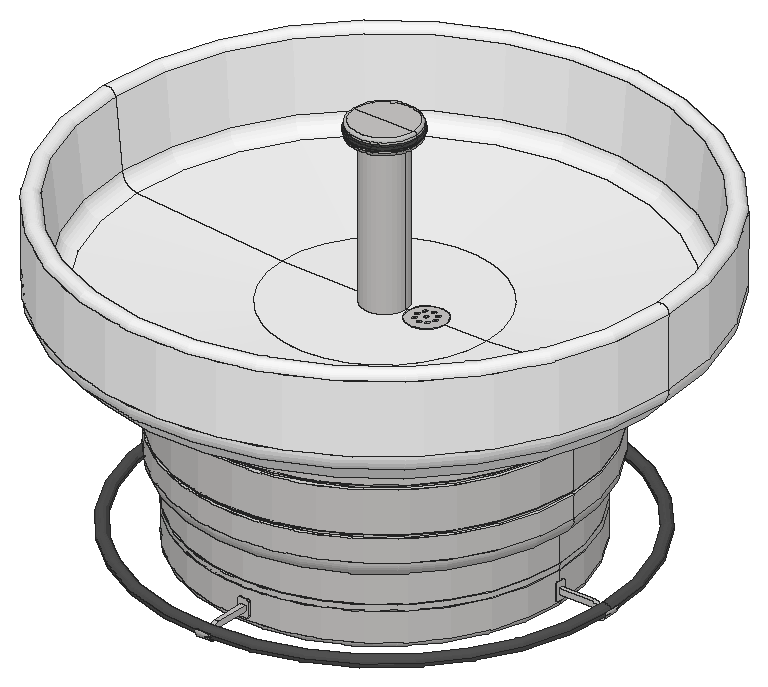
Revit family "Washfountain_Lavatory-Bradley_Corp-WF2608-Type_H_Drain", category Plumbing Fixtures, Revit 2012 (continued)
Automatic sketch dimensions
  Masking region 26 sketch curve to plane 1 "Center (Front/Back)" = 0.000"
  Masking region 26 sketch curve to plane 3 "Center (Left/Right)" = 0.000"
  curve 101 to plane 1 "Center (Front/Back)" = 0.000"
  curve 101 to plane 3 "Center (Left/Right)" = 0.000"
  Masking region 27 sketch curve to plane 1 "Center (Front/Back)" = 0.000"
  Masking region 27 sketch curve to plane 3 "Center (Left/Right)" = 0.000"
  curve 102 to plane 1 "Center (Front/Back)" = 0.000"
  curve 102 to plane 3 "Center (Left/Right)" = 0.000"
  Masking region 28 sketch curve to plane 1 "Center (Front/Back)" = 0.000"
  Masking region 28 sketch curve to plane 3 "Center (Left/Right)" = 0.000"
  curve 103 to plane 1 "Center (Front/Back)" = 0.000"
  curve 103 to plane 3 "Center (Left/Right)" = 0.000"
  plane 8 "Towel Dispenser" to Extrusion 13 sketch curve = 0.000"
  Extrusion 13 sketch curve to Extrusion 13 sketch curve = 1.37502"
  Extrusion 13 sketch curve to Extrusion 13 sketch curve = 1.750"
  Extrusion 13 sketch curve to Extrusion 13 sketch curve = 2.250"
  Extrusion 14 sketch curve to Extrusion 14 sketch curve = 1.37502"
  Extrusion 14 sketch curve to Extrusion 14 sketch curve = 1.750"
  Extrusion 14 sketch curve to Extrusion 14 sketch curve = 2.250"
  Extrusion 14 sketch curve to plane 8 "Towel Dispenser" = 0.000"
  Extrusion 15 sketch curve to Extrusion 15 sketch curve = 1.37502"
  Extrusion 15 sketch curve to Extrusion 15 sketch curve = 1.750"
  Extrusion 15 sketch curve to Extrusion 15 sketch curve = 2.250"
  Extrusion 15 sketch curve to plane 8 "Towel Dispenser" = 0.000"
  Split face 1 sketch curve to Extrusion 13 = 0.56845"
  Split face 1 sketch curve to Split face 1 sketch curve = 0.750"
  Split face 1 sketch curve to Extrusion 13 = 1.500"  (x2)
  Split face 2 sketch curve to Extrusion 14 = 0.56845"
  Split face 2 sketch curve to Split face 2 sketch curve = 0.750"
  Split face 2 sketch curve to Extrusion 14 = 1.500"  (x2)
  Split face 3 sketch curve to Extrusion 15 = 0.56851"
  Split face 3 sketch curve to Split face 3 sketch curve = 0.750"
  Split face 3 sketch curve to Extrusion 15 = 1.500"  (x2)
  curve 9 to plane 1 "Center (Front/Back)" = 0.000"
  curve 109 to plane 6 "Front" = 0.000"
  curve 132 to plane 7 "Back" = 0.000"
  curve 10 to plane 3 "Center (Left/Right)" = 0.000"
  plane 3 "Center (Left/Right)" to curve 105 = 0.06279"
  plane 3 "Center (Left/Right)" to curve 132 = 3.000"
  plane 3 "Center (Left/Right)" to curve 109 = 3.000"
  plane 3 "Center (Left/Right)" to curve 9 = 3.000"
  curve 105 to curve 9 = 2.60192"
  curve 104 to plane 3 "Center (Left/Right)" = 0.06259"
  curve 109 to plane 3 "Center (Left/Right)" = 3.000"
  curve 9 to plane 3 "Center (Left/Right)" = 3.000"
  curve 132 to plane 3 "Center (Left/Right)" = 3.000"
  curve 9 to curve 104 = 2.60167"
  curve 106 to plane 1 "Center (Front/Back)" = 3.20696"
  curve 10 to plane 1 "Center (Front/Back)" = 3.000"
  plane 1 "Center (Front/Back)" to curve 10 = 3.000"
  curve 10 to curve 104 = 3.38699"
  curve 104 to curve 105 = 0.00011"
  curve 134 to curve 132 = 0.000"
  curve 133 to curve 132 = 0.000"
  curve 141 to curve 132 = 2.50026"
  curve 139 to curve 132 = 0.29642"
  curve 139 to curve 132 = 1.00026"
  curve 138 to curve 132 = 0.25026"
  curve 141 to curve 132 = 1.37502"
  curve 132 to curve 140 = 1.000"
  curve 140 to curve 140 = 0.750"
  curve 132 to curve 133 = 2.500"
  curve 139 to curve 138 = 0.39109"
  curve 136 to curve 141 = 0.000"
  curve 132 to curve 135 = 14.62567"
  curve 135 to curve 133 = 0.68733"
  curve 135 to curve 134 = 0.68733"
  curve 108 to Extrusion 15 = 0.000"  (x3)
  curve 154 to Extrusion 15 = 2.60156"
  Extrusion 15 to curve 154 = 1.95703"
  curve 154 to curve 154 = 1.000"
  curve 107 to Extrusion 14 = 0.000"  (x3)
  Extrusion 14 to curve 156 = 1.95703"
  curve 156 to Extrusion 14 = 2.60156"
  curve 156 to curve 156 = 1.000"
  curve 157 to Extrusion 13 = 0.000"  (x3)
  curve 155 to Extrusion 13 = 2.60156"
  curve 155 to curve 155 = 1.000"
  Extrusion 13 to curve 155 = 1.95703"
  curve 160 to curve 132 = 0.54323"
  curve 132 to curve 160 = 3.97659"
  curve 132 to curve 160 = 4.97659"
  Masking region 29 sketch curve to plane 1 "Center (Front/Back)" = 0.000"
  Masking region 29 sketch curve to plane 3 "Center (Left/Right)" = 0.000"
  plane 3 "Center (Left/Right)" to Masking region 29 sketch curve = 0.06279"
  plane 3 "Center (Left/Right)" to Masking region 29 sketch curve = 3.52689"
  plane 3 "Center (Left/Right)" to Masking region 29 sketch curve = 5.50026"
  Masking region 29 sketch curve to plane 1 "Center (Front/Back)" = 3.13918"
  Masking region 29 sketch curve to Masking region 29 sketch curve = 0.06253"
  Masking region 29 sketch curve to plane 1 "Center (Front/Back)" = 1.13918"
  Masking region 29 sketch curve to Masking region 29 sketch curve = 3.4641"  (x2)
  Masking region 29 sketch curve to plane 3 "Center (Left/Right)" = 0.06259"
  Masking region 29 sketch curve to plane 3 "Center (Left/Right)" = 3.5267"
  Masking region 29 sketch curve to plane 3 "Center (Left/Right)" = 5.500"
  Masking region 29 sketch curve to plane 1 "Center (Front/Back)" = 3.13929"
  Masking region 29 sketch curve to Masking region 29 sketch curve = 0.06259"
  Masking region 29 sketch curve to plane 1 "Center (Front/Back)" = 1.13929"
  Masking region 29 sketch curve to Masking region 29 sketch curve = 0.06767"
  Masking region 29 sketch curve to Masking region 29 sketch curve = 0.06779"
  Masking region 29 sketch curve to Masking region 29 sketch curve = 4.000"
  Extrusion 16 sketch curve to plane 1 "Center (Front/Back)" = 0.000"
  Extrusion 16 sketch curve to plane 3 "Center (Left/Right)" = 0.000"
  curve 5 to Masking region 32 sketch curve = 1.000"
  curve 5 to Masking region 32 sketch curve = 3.500"
  Masking region 32 sketch curve to curve 5 = 1.000"
  Masking region 33 sketch curve to plane 10 "Sensor Module" = 3.500"
  Masking region 33 sketch curve to plane 1 "Center (Front/Back)" = 2.000"
  plane 1 "Center (Front/Back)" to Masking region 33 sketch curve = 2.000"
  Extrusion 17 sketch curve to plane 1 "Center (Front/Back)" = 0.000"
  Extrusion 17 sketch curve to plane 3 "Center (Left/Right)" = 0.000"
  Extrusion 18 sketch curve to Extrusion 18 sketch curve = 0.000"  (x3)
  Extrusion 18 sketch curve to plane 1 "Center (Front/Back)" = 0.000"
  Extrusion 18 sketch curve to plane 3 "Center (Left/Right)" = 0.000"
  plane 3 "Center (Left/Right)" to Extrusion 18 sketch curve = 0.06295"
  Extrusion 18 sketch curve to Extrusion 18 sketch curve = 2.000"
  Extrusion 18 sketch curve to Extrusion 18 sketch curve = 3.50026"
  Extrusion 18 sketch curve to Extrusion 18 sketch curve = 0.06243"
  Extrusion 18 sketch curve to plane 3 "Center (Left/Right)" = 0.06259"
  Extrusion 18 sketch curve to Extrusion 18 sketch curve = 3.500"
  Extrusion 18 sketch curve to Extrusion 18 sketch curve = 0.06259"
  Extrusion 18 sketch curve to plane 1 "Center (Front/Back)" = 3.13929"  (x2)
  Extrusion 18 sketch curve to Extrusion 18 sketch curve = 0.06767"
  plane 1 "Center (Front/Back)" to Extrusion 18 sketch curve = 6.38699"
  plane 3 "Center (Left/Right)" to Extrusion 19 sketch curve = 5.56269"
  Extrusion 19 sketch curve to Extrusion 19 sketch curve = 0.06243"
  plane 3 "Center (Left/Right)" to Extrusion 19 sketch curve = 0.06295"
  Extrusion 19 sketch curve to plane 3 "Center (Left/Right)" = 0.06259"
  Extrusion 19 sketch curve to plane 3 "Center (Left/Right)" = 5.500"
  Extrusion 19 sketch curve to Extrusion 19 sketch curve = 0.06259"
  Extrusion 19 sketch curve to plane 1 "Center (Front/Back)" = 3.20696"
  Extrusion 19 sketch curve to Extrusion 19 sketch curve = 0.06767"  (x2)
  plane 1 "Center (Front/Back)" to Extrusion 19 sketch curve = 6.38699"
  Extrusion 19 sketch curve to Extrusion 19 sketch curve = 0.000"
  Extrusion 19 sketch curve to plane 1 "Center (Front/Back)" = 0.000"
  Extrusion 19 sketch curve to plane 3 "Center (Left/Right)" = 0.000"
  Extrusion 19 sketch curve to Extrusion 19 sketch curve = 2.000"
  curve 96 to curve 5 = 1.5755"
  curve 5 to curve 95 = 0.56541"
  curve 96 to curve 95 = 0.07563"
  curve 5 to curve 97 = 1.000"
  curve 97 to curve 5 = 1.000"
  curve 5 to curve 95 = 1.49987"
  curve 95 to curve 96 = 0.0755"
  curve 96 to curve 95 = 1.44948"
  curve 97 to curve 5 = 2.84038"
  Sweep 20 sketch curve to profile plane = 0.000"
  profile plane to Sweep 20 sketch curve = 1.425"
  Extrusion 21 sketch curve to Extrusion 21 sketch curve = 0.000"  (x10)
  level to Extrusion 21 sketch curve = 1.57969"
  plane 4 "Left" to Extrusion 21 sketch curve = 5.42032"
  Extrusion 21 sketch curve to Extrusion 21 sketch curve = 0.04831"  (x2)
  Extrusion 21 sketch curve to Extrusion 21 sketch curve = 0.48307"  (x2)
  Extrusion 21 sketch curve to Extrusion 21 sketch curve = 0.48846"  (x2)
  Extrusion 21 sketch curve to Extrusion 21 sketch curve = 0.04885"  (x2)
  level to Extrusion 21 sketch curve = 1.55302"
  Extrusion 21 sketch curve to plane 5 "Right" = 6.58615"
  Extrusion 21 sketch curve to Extrusion 21 sketch curve = 0.02667"
  Extrusion 21 sketch curve to Extrusion 21 sketch curve = 0.01068"
  Extrusion 22 sketch curve to Extrusion 22 sketch curve = 0.000"  (x10)
  level to Extrusion 22 sketch curve = 1.57982"
  plane 6 "Front" to Extrusion 22 sketch curve = 5.42032"
  Extrusion 22 sketch curve to Extrusion 22 sketch curve = 0.04831"  (x2)
  Extrusion 22 sketch curve to Extrusion 22 sketch curve = 0.48307"  (x2)
  Extrusion 22 sketch curve to Extrusion 22 sketch curve = 0.48846"  (x2)
  Extrusion 22 sketch curve to Extrusion 22 sketch curve = 0.04885"  (x2)
  level to Extrusion 22 sketch curve = 1.55315"
  Extrusion 22 sketch curve to plane 7 "Back" = 6.58615"
  Extrusion 22 sketch curve to Extrusion 22 sketch curve = 0.03735"
  Extrusion 22 sketch curve to Extrusion 22 sketch curve = 0.01068"
  Extrusion 24 sketch curve to Extrusion 24 sketch curve = 0.000"  (x6)
  level to Extrusion 24 sketch curve = 0.82997"
  plane 6 "Front" to Extrusion 24 sketch curve = 5.99907"
  Extrusion 24 sketch curve to Extrusion 24 sketch curve = 0.19771"  (x2)
  Extrusion 24 sketch curve to Extrusion 24 sketch curve = 0.600"
  Extrusion 24 sketch curve to Extrusion 24 sketch curve = 0.45214"  (x2)
  Extrusion 24 sketch curve to Extrusion 24 sketch curve = 0.14125"  (x2)
  Extrusion 24 sketch curve to Extrusion 24 sketch curve = 3.19031"  (x2)
  level to Extrusion 24 sketch curve = 1.77219"
  Extrusion 24 sketch curve to plane 7 "Back" = 10.38277"
  level to Extrusion 24 sketch curve = 1.27219"
  Extrusion 24 sketch curve to Extrusion 24 sketch curve = 0.40229"
  Extrusion 24 sketch curve to Extrusion 24 sketch curve = 0.34334"
  Extrusion 23 sketch curve to Extrusion 23 sketch curve = 0.000"  (x6)
  level to Extrusion 23 sketch curve = 0.82503"  (x2)
  plane 4 "Left" to Extrusion 23 sketch curve = 6.000"
  Extrusion 23 sketch curve to Extrusion 23 sketch curve = 0.19771"  (x2)
  Extrusion 23 sketch curve to Extrusion 23 sketch curve = 0.600"
  Extrusion 23 sketch curve to Extrusion 23 sketch curve = 0.45214"  (x2)
  Extrusion 23 sketch curve to Extrusion 23 sketch curve = 0.14125"  (x2)
  Extrusion 23 sketch curve to Extrusion 23 sketch curve = 3.19031"  (x2)
  level to Extrusion 23 sketch curve = 1.26725"
  Extrusion 23 sketch curve to plane 5 "Right" = 10.3837"
  Extrusion 23 sketch curve to Extrusion 23 sketch curve = 0.40229"
  Extrusion 23 sketch curve to Extrusion 23 sketch curve = 0.34334"
  curve 161 to plane 1 "Center (Front/Back)" = 0.000"
  curve 161 to plane 3 "Center (Left/Right)" = 0.000"
  plane 1 "Center (Front/Back)" to Extrusion 25 sketch curve = 0.49499"
  plane 1 "Center (Front/Back)" to Extrusion 25 sketch curve = 0.24499"  (x2)
  plane 1 "Center (Front/Back)" to Extrusion 25 sketch curve = 0.23845"
  Extrusion 25 sketch curve to plane 1 "Center (Front/Back)" = 0.24214"
  Extrusion 25 sketch curve to plane 1 "Center (Front/Back)" = 0.25501"  (x2)
  Extrusion 25 sketch curve to Extrusion 25 sketch curve = 0.250"
  level to Extrusion 25 sketch curve = 0.70961"
  Extrusion 25 sketch curve to Extrusion 25 sketch curve = 0.2684"  (x2)
  Extrusion 25 sketch curve to Extrusion 25 sketch curve = 0.5882"
  Extrusion 28 sketch curve to plane 3 "Center (Left/Right)" = 0.49499"
  Extrusion 28 sketch curve to plane 3 "Center (Left/Right)" = 0.24499"  (x2)
  Extrusion 28 sketch curve to plane 3 "Center (Left/Right)" = 0.23845"
  plane 3 "Center (Left/Right)" to Extrusion 28 sketch curve = 0.24214"
  plane 3 "Center (Left/Right)" to Extrusion 28 sketch curve = 0.25501"  (x2)
  Extrusion 28 sketch curve to Extrusion 28 sketch curve = 0.250"
  level to Extrusion 28 sketch curve = 0.70961"
  Extrusion 28 sketch curve to Extrusion 28 sketch curve = 0.2684"  (x2)
  Extrusion 28 sketch curve to Extrusion 28 sketch curve = 0.5882"
  plane 1 "Center (Front/Back)" to Extrusion 26 sketch curve = 0.50501"
  plane 1 "Center (Front/Back)" to Extrusion 26 sketch curve = 0.25501"  (x2)
  plane 1 "Center (Front/Back)" to Extrusion 26 sketch curve = 0.24214"
  Extrusion 26 sketch curve to plane 1 "Center (Front/Back)" = 0.23845"
  Extrusion 26 sketch curve to plane 1 "Center (Front/Back)" = 0.24499"  (x2)
  Extrusion 26 sketch curve to Extrusion 26 sketch curve = 0.250"
  level to Extrusion 26 sketch curve = 0.70961"
  Extrusion 26 sketch curve to Extrusion 26 sketch curve = 0.2684"  (x2)
  Extrusion 26 sketch curve to Extrusion 26 sketch curve = 0.5882"
  Extrusion 27 sketch curve to plane 3 "Center (Left/Right)" = 0.50501"
  Extrusion 27 sketch curve to plane 3 "Center (Left/Right)" = 0.25501"  (x2)
  Extrusion 27 sketch curve to plane 3 "Center (Left/Right)" = 0.24214"
  plane 3 "Center (Left/Right)" to Extrusion 27 sketch curve = 0.23845"
  plane 3 "Center (Left/Right)" to Extrusion 27 sketch curve = 0.24499"  (x2)
  Extrusion 27 sketch curve to Extrusion 27 sketch curve = 0.250"
  level to Extrusion 27 sketch curve = 0.70961"
  Extrusion 27 sketch curve to Extrusion 27 sketch curve = 0.2684"  (x2)
  Extrusion 27 sketch curve to Extrusion 27 sketch curve = 0.5882"
  plane 4 "Left" to Masking region 34 sketch curve = 5.42032"
  Masking region 34 sketch curve to Masking region 34 sketch curve = 0.000"  (x4)
  Masking region 34 sketch curve to Masking region 34 sketch curve = 0.04831"  (x2)
  Masking region 34 sketch curve to Masking region 34 sketch curve = 0.04873"  (x2)
  Masking region 34 sketch curve to Masking region 34 sketch curve = 0.48264"  (x2)
  Masking region 34 sketch curve to Masking region 34 sketch curve = 0.00088"
  Masking region 34 sketch curve to Masking region 34 sketch curve = 0.19771"  (x2)
  Masking region 34 sketch curve to Masking region 34 sketch curve = 0.69685"  (x2)
  Masking region 34 sketch curve to plane 3 "Center (Left/Right)" = 0.670"
  Masking region 34 sketch curve to Masking region 34 sketch curve = 0.16499"
  Masking region 34 sketch curve to Masking region 34 sketch curve = 0.20433"  (x2)
  Masking region 34 sketch curve to Masking region 34 sketch curve = 0.21066"  (x2)
  Masking region 34 sketch curve to plane 3 "Center (Left/Right)" = 0.25501"
  plane 3 "Center (Left/Right)" to Masking region 34 sketch curve = 0.25501"  (x2)
  Masking region 34 sketch curve to Masking region 34 sketch curve = 0.250"
  level to Masking region 34 sketch curve = 0.925"
  Masking region 34 sketch curve to plane 5 "Right" = 6.69772"
  Masking region 34 sketch curve to Masking region 34 sketch curve = 0.50002"
  level to Masking region 34 sketch curve = 0.825"
  Masking region 34 sketch curve to Masking region 34 sketch curve = 0.10013"  (x2)
  Masking region 34 sketch curve to Masking region 34 sketch curve = 0.50506"
  Masking region 34 sketch curve to Masking region 34 sketch curve = 0.00013"  (x2)
  Masking region 34 sketch curve to Masking region 34 sketch curve = 1.000"
  Masking region 34 sketch curve to Masking region 34 sketch curve = 0.15961"
  Masking region 34 sketch curve to Masking region 34 sketch curve = 0.11539"  (x2)
  level to Masking region 34 sketch curve = 0.82487"
  level to Masking region 35 sketch curve = 1.57955"
  plane 6 "Front" to Masking region 35 sketch curve = 5.42032"
  Masking region 35 sketch curve to Masking region 35 sketch curve = 0.000"  (x4)
  Masking region 35 sketch curve to Masking region 35 sketch curve = 0.04831"  (x2)
  Masking region 35 sketch curve to Masking region 35 sketch curve = 0.04873"  (x2)
  Masking region 35 sketch curve to Masking region 35 sketch curve = 0.48264"  (x2)
  Masking region 35 sketch curve to Masking region 35 sketch curve = 0.00088"
  Masking region 35 sketch curve to Masking region 35 sketch curve = 0.19771"  (x2)
  Masking region 35 sketch curve to Masking region 35 sketch curve = 0.69685"  (x2)
  plane 1 "Center (Front/Back)" to Masking region 35 sketch curve = 0.670"
  plane 1 "Center (Front/Back)" to Masking region 35 sketch curve = 0.50501"
  Masking region 35 sketch curve to Masking region 35 sketch curve = 0.20433"  (x2)
  Masking region 35 sketch curve to Masking region 35 sketch curve = 0.21066"  (x2)
  Masking region 35 sketch curve to Masking region 35 sketch curve = 0.250"  (x2)
  Masking region 35 sketch curve to plane 1 "Center (Front/Back)" = 0.25501"  (x2)
  level to Masking region 35 sketch curve = 0.92487"  (x2)
  Masking region 35 sketch curve to plane 7 "Back" = 6.69772"
  Masking region 35 sketch curve to Masking region 35 sketch curve = 0.50002"
  Masking region 35 sketch curve to Masking region 35 sketch curve = 0.100"  (x2)
  Masking region 35 sketch curve to Masking region 35 sketch curve = 0.10013"  (x2)
  Masking region 35 sketch curve to Masking region 35 sketch curve = 0.11539"
  Masking region 35 sketch curve to Masking region 35 sketch curve = 0.50506"
  Masking region 35 sketch curve to Masking region 35 sketch curve = 0.00013"  (x2)
  Masking region 35 sketch curve to Masking region 35 sketch curve = 0.15961"
  curve 57 to curve 11 = 14.96307"
  curve 56 to curve 57 = 0.000"
  curve 53 to curve 56 = 0.000"
  curve 60 to curve 57 = 0.000"
  curve 53 to curve 42 = 0.00024"
  curve 57 to curve 47 = 0.00024"
  curve 51 to curve 47 = 0.000"
  curve 46 to curve 42 = 0.000"
  curve 46 to curve 45 = 0.09798"  (x2)
  curve 51 to curve 50 = 0.09798"  (x2)
  curve 43 to curve 45 = 0.000"
  curve 44 to curve 43 = 0.000"  (x2)
  curve 49 to curve 50 = 0.000"
  curve 48 to curve 49 = 0.000"
  curve 53 to curve 54 = 0.125"
  curve 60 to curve 59 = 0.125"  (x2)
  curve 68 to curve 54 = 0.000"
  curve 67 to curve 59 = 0.000"  (x2)
  curve 55 to curve 68 = 0.000"  (x2)
  curve 58 to curve 67 = 0.000"  (x2)
  curve 60 to curve 66 = 1.29784"
  curve 64 to curve 66 = 0.000"
  curve 65 to curve 64 = 0.000"
  curve 66 to curve 63 = 0.048"
  curve 64 to curve 62 = 0.048"
  curve 59 to curve 52 = 1.22108"
  curve 11 to curve 62 = 13.61537"
  curve 61 to curve 62 = 0.000"
  curve 63 to curve 62 = 0.000"
  curve 62 to curve 65 = 0.048"
  curve 63 to curve 66 = 0.048"
  curve 62 to curve 64 = 0.048"
  curve 52 to curve 59 = 1.2206"
  curve 68 to curve 67 = 0.000"
  curve 54 to curve 68 = 0.000"
  curve 58 to curve 50 = 0.02726"
  curve 54 to curve 43 = 0.02726"
  curve 48 to curve 50 = 0.000"
  curve 45 to curve 44 = 0.000"
  curve 49 to curve 48 = 0.000"
  curve 54 to curve 53 = 0.125"  (x2)
  curve 58 to curve 57 = 0.125"  (x2)
  curve 59 to curve 60 = 0.125"
  curve 55 to curve 56 = 0.125"
  curve 50 to curve 51 = 0.09798"
  curve 43 to curve 42 = 0.09798"  (x2)
  curve 45 to curve 46 = 0.09798"
  curve 48 to curve 47 = 0.09798"  (x2)
  curve 63 to curve 11 = 15.8195"
  curve 63 to curve 66 = 0.06365"
  curve 66 to curve 65 = 0.24885"
  curve 65 to curve 64 = 0.24885"
  curve 64 to curve 62 = 0.06365"
  curve 62 to curve 61 = 2.70246"
  curve 52 to curve 60 = 0.84847"
  curve 59 to curve 67 = 0.0625"
  curve 67 to curve 58 = 0.0625"
  curve 57 to curve 51 = 1.55669"
  curve 50 to curve 49 = 0.04899"
  curve 49 to curve 48 = 0.04899"
  curve 47 to curve 56 = 1.96186"
  curve 56 to curve 55 = 0.125"
  curve 55 to curve 68 = 0.0625"
  curve 68 to curve 54 = 0.0625"
  curve 53 to curve 46 = 0.65162"
  curve 45 to curve 44 = 0.04899"
  curve 44 to curve 43 = 0.04899"
  curve 12 to curve 25 = 4.37498"
  curve 25 to curve 12 = 14.96214"
  curve 28 to curve 25 = 0.000"
  curve 30 to curve 28 = 0.000"
  curve 14 to curve 25 = 0.000"
  curve 33 to curve 30 = 0.000"
  curve 22 to curve 30 = 0.000"
  curve 17 to curve 14 = 0.000"
  curve 19 to curve 22 = 0.000"
  curve 17 to curve 13 = 0.09798"
  curve 22 to curve 18 = 0.09798"
  curve 15 to curve 13 = 0.000"
  curve 20 to curve 18 = 0.000"  (x2)
  curve 16 to curve 13 = 0.000"
  curve 21 to curve 18 = 0.000"
  curve 33 to curve 34 = 0.125"
  curve 25 to curve 26 = 0.125"
  curve 27 to curve 26 = 0.000"
  curve 32 to curve 34 = 0.000"
  curve 29 to curve 27 = 0.000"
  curve 31 to curve 34 = 0.000"  (x2)
  curve 33 to curve 37 = 1.29784"
  curve 38 to curve 37 = 0.000"
  curve 40 to curve 38 = 0.000"
  curve 32 to curve 24 = 1.22084"
  curve 37 to curve 36 = 0.048"
  curve 40 to curve 39 = 0.048"
  curve 39 to curve 36 = 0.000"
  curve 39 to curve 40 = 0.048"
  curve 36 to curve 37 = 0.048"
  curve 38 to curve 40 = 0.000"
  curve 24 to curve 29 = 1.22084"
  curve 24 to curve 32 = 1.22084"
  curve 26 to curve 29 = 0.000"
  curve 34 to curve 32 = 0.000"
  curve 27 to curve 29 = 0.000"
  curve 31 to curve 21 = 0.02702"
  curve 18 to curve 21 = 0.000"
  curve 26 to curve 16 = 0.02702"
  curve 15 to curve 16 = 0.000"
  curve 13 to curve 16 = 0.000"
  curve 16 to curve 17 = 0.09798"
  curve 21 to curve 22 = 0.09798"
  curve 32 to curve 33 = 0.125"
  curve 15 to curve 14 = 0.09798"  (x2)
  curve 31 to curve 30 = 0.125"  (x2)
  curve 27 to curve 28 = 0.125"
  curve 26 to curve 25 = 0.125"  (x2)
  curve 20 to curve 19 = 0.09798"  (x2)
  curve 29 to curve 26 = 0.0625"
  curve 27 to curve 29 = 0.0625"
  curve 28 to curve 27 = 0.125"
  curve 19 to curve 28 = 1.96186"
  curve 18 to curve 20 = 0.04899"
  curve 21 to curve 18 = 0.04899"
  curve 22 to curve 21 = 0.09798"
  curve 30 to curve 22 = 1.55669"
  curve 34 to curve 31 = 0.0625"
  curve 32 to curve 34 = 0.0625"
  curve 33 to curve 32 = 0.125"
  curve 24 to curve 32 = 0.97347"
  curve 36 to curve 35 = 2.70246"
  curve 37 to curve 36 = 0.06365"
  curve 38 to curve 37 = 0.24885"
  curve 40 to curve 38 = 0.24885"
  curve 39 to curve 40 = 0.06365"
  curve 25 to curve 17 = 0.65162"
  curve 17 to curve 16 = 0.09798"
  curve 16 to curve 13 = 0.04899"
  curve 13 to curve 15 = 0.04899"
  plane 4 "Left" to Masking region 36 sketch curve = 6.000"
  level to Masking region 36 sketch curve = 1.925"
  Masking region 36 sketch curve to plane 5 "Right" = 6.000"
  Masking region 36 sketch curve to Masking region 36 sketch curve = 0.500"
  plane 6 "Front" to Masking region 37 sketch curve = 6.000"
  Masking region 37 sketch curve to plane 7 "Back" = 6.000"
  Masking region 37 sketch curve to Masking region 37 sketch curve = 0.500"
  level to Masking region 37 sketch curve = 0.92487"
  Revolve 5 sketch curve to curve 12 = 0.000"
  Revolve 5 sketch curve to curve 12 = 13.22437"
  Revolve 5 sketch curve to Revolve 5 sketch curve = 0.39193"  (x2)
  Revolve 5 sketch curve to Revolve 5 sketch curve = 0.048"
  curve 12 to Revolve 5 sketch curve = 3.52739"
  Revolve 5 sketch curve to Revolve 5 sketch curve = 1.24786"  (x2)
  curve 12 to Revolve 5 sketch curve = 6.80982"
  Revolve 5 sketch curve to Revolve 5 sketch curve = 1.34584"
  curve 12 to Revolve 5 sketch curve = 6.71184"
  Revolve 5 sketch curve to Revolve 5 sketch curve = 0.09798"  (x6)
  curve 12 to Revolve 5 sketch curve = 3.000"
  Revolve 5 sketch curve to Revolve 5 sketch curve = 1.43431"
  Revolve 5 sketch curve to Revolve 5 sketch curve = 1.40855"
  Revolve 5 sketch curve to Revolve 5 sketch curve = 0.06365"  (x2)
  Revolve 5 sketch curve to Revolve 5 sketch curve = 0.4977"
  Revolve 5 sketch curve to Revolve 5 sketch curve = 2.78857"
  Revolve 5 sketch curve to curve 12 = 18.69893"
  Revolve 5 sketch curve to Revolve 5 sketch curve = 0.19597"
  curve 12 to Revolve 5 sketch curve = 3.05107"
  Masking region 6 sketch curve to curve 12 = 0.000"
  Masking region 6 sketch curve to curve 12 = 14.96214"
  Masking region 6 sketch curve to Masking region 6 sketch curve = 0.000"  (x2)
  curve 12 to Masking region 6 sketch curve = 3.72336"
  Masking region 6 sketch curve to Masking region 6 sketch curve = 0.09798"  (x14)
  curve 12 to Masking region 6 sketch curve = 3.62537"  (x2)
  Masking region 6 sketch curve to Masking region 6 sketch curve = 1.29784"
  Masking region 6 sketch curve to Masking region 6 sketch curve = 0.048"  (x3)
  Masking region 6 sketch curve to Masking region 6 sketch curve = 0.39193"  (x3)
  curve 12 to Masking region 6 sketch curve = 13.22437"
  Masking region 6 sketch curve to Masking region 6 sketch curve = 1.24786"  (x2)
  curve 12 to Masking region 6 sketch curve = 6.90781"
  Masking region 6 sketch curve to Masking region 6 sketch curve = 1.34584"
  curve 12 to Masking region 6 sketch curve = 6.71184"
  Masking region 6 sketch curve to Masking region 6 sketch curve = 3.18445"
  Masking region 6 sketch curve to Masking region 6 sketch curve = 1.43431"  (x2)
  Masking region 6 sketch curve to Masking region 6 sketch curve = 1.40855"  (x2)
  Masking region 6 sketch curve to Masking region 6 sketch curve = 0.06365"  (x4)
  Masking region 6 sketch curve to Masking region 6 sketch curve = 0.4977"  (x2)
  Masking region 6 sketch curve to Masking region 6 sketch curve = 2.78857"
  curve 23 to curve 24 = 0.03763"
  curve 23 to curve 35 = 0.03763"
  curve 12 to curve 35 = 13.6163"
  curve 24 to curve 35 = 0.000"
  curve 39 to curve 35 = 0.000"
  curve 35 to curve 23 = 0.03763"
  curve 23 to curve 24 = 2.36946"
  curve 35 to curve 23 = 0.33663"
  curve 189 to curve 1 = 13.6643"
  curve 188 to curve 189 = 0.000"
  curve 189 to curve 190 = 0.048"
  curve 188 to curve 187 = 0.048"
  curve 1 to curve 187 = 13.6163"
  curve 190 to curve 187 = 0.000"
  curve 190 to curve 189 = 0.048"
  curve 187 to curve 188 = 0.048"
  curve 187 to curve 1 = 21.4445"
  curve 188 to curve 187 = 0.06365"
  curve 189 to curve 188 = 0.4977"
  curve 190 to curve 189 = 0.06365"
  curve 191 to curve 189 = 0.000"
  curve 191 to curve 188 = 0.000"
  curve 189 to curve 191 = 0.24885"
  plane 1 "Center (Front/Back)" to Masking region 38 sketch curve = 2.000"
  Masking region 38 sketch curve to plane 1 "Center (Front/Back)" = 2.000"
  Masking region 38 sketch curve to plane 9 "Soap Dispenser" = 8.500"
  Masking region 12 sketch curve to curve 11 = 0.000"
  Masking region 12 sketch curve to curve 11 = 14.96283"
  Masking region 12 sketch curve to Masking region 12 sketch curve = 0.000"  (x3)
  curve 11 to Masking region 12 sketch curve = 3.72336"
  Masking region 12 sketch curve to Masking region 12 sketch curve = 0.09798"  (x14)
  curve 11 to Masking region 12 sketch curve = 3.62537"
  Masking region 12 sketch curve to Masking region 12 sketch curve = 1.2976"
  Masking region 12 sketch curve to Masking region 12 sketch curve = 0.04824"  (x2)
  Masking region 12 sketch curve to Masking region 12 sketch curve = 0.39193"  (x2)
  curve 11 to Masking region 12 sketch curve = 13.22368"
  Masking region 12 sketch curve to Masking region 12 sketch curve = 0.04962"
  curve 11 to Masking region 12 sketch curve = 3.52739"
  Masking region 12 sketch curve to Masking region 12 sketch curve = 1.24786"  (x2)
  curve 11 to Masking region 12 sketch curve = 6.90781"
  Masking region 12 sketch curve to Masking region 12 sketch curve = 1.34584"
  Masking region 12 sketch curve to Masking region 12 sketch curve = 3.28243"
  Masking region 12 sketch curve to Masking region 12 sketch curve = 1.43431"  (x2)
  Masking region 12 sketch curve to Masking region 12 sketch curve = 0.06397"  (x4)
  Masking region 12 sketch curve to Masking region 12 sketch curve = 0.49706"  (x2)
  Masking region 12 sketch curve to Masking region 12 sketch curve = 2.78857"
  Masking region 12 sketch curve to Masking region 12 sketch curve = 0.19597"
  Masking region 12 sketch curve to Masking region 12 sketch curve = 1.40855"  (x2)
  curve 200 to curve 196 = 0.000"
  curve 198 to curve 199 = 0.04824"
  curve 196 to curve 197 = 0.04824"
  curve 197 to curve 199 = 0.000"
  curve 197 to curve 200 = 0.04962"
  curve 199 to curve 198 = 0.04962"
  curve 197 to curve 196 = 0.04962"
  curve 199 to curve 198 = 0.06397"
  curve 198 to curve 200 = 0.24853"
  curve 200 to curve 196 = 0.24853"
  curve 196 to curve 197 = 0.06397"
  curve 198 to curve 52 = 0.04824"
  curve 196 to curve 198 = 0.000"
  curve 61 to curve 199 = 0.00024"  (x2)
  curve 52 to curve 197 = 0.000"
  curve 61 to curve 199 = 0.67254"
  curve 197 to curve 52 = 1.40855"
  Masking region 30 sketch curve to curve 9 = 0.000"  (x2)
  Masking region 30 sketch curve to curve 9 = 6.02676"
  Masking region 30 sketch curve to Masking region 30 sketch curve = 1.94856"
  Masking region 30 sketch curve to curve 9 = 2.56266"
  curve 9 to Masking region 30 sketch curve = 1.000"  (x2)
  Masking region 30 sketch curve to curve 9 = 1.000"  (x2)
  curve 9 to Masking region 30 sketch curve = 2.56273"
  curve 9 to Masking region 30 sketch curve = 4.0783"
  Masking region 30 sketch curve to Masking region 30 sketch curve = 3.46415"
  Masking region 30 sketch curve to curve 9 = 1.37502"  (x2)
  curve 9 to Masking region 30 sketch curve = 14.62567"  (x2)
  curve 9 to Masking region 30 sketch curve = 15.313"  (x2)
  Masking region 30 sketch curve to Masking region 30 sketch curve = 1.000"
  curve 192 to curve 109 = 0.000"
  curve 131 to curve 109 = 6.02688"
  curve 111 to curve 109 = 1.37502"
  curve 111 to curve 109 = 6.02688"
  curve 122 to curve 130 = 1.06133"
  curve 130 to curve 127 = 0.10866"
  curve 130 to curve 130 = 0.55423"  (x2)
  curve 130 to curve 109 = 0.29645"
  curve 129 to curve 111 = 0.4715"
  curve 159 to curve 109 = 1.50547"
  curve 127 to curve 111 = 0.32995"
  curve 128 to curve 109 = 0.30272"
  curve 109 to curve 128 = 0.2515"
  curve 129 to curve 128 = 0.10866"
  curve 109 to curve 193 = 1.000"
  curve 128 to curve 192 = 0.63984"
  curve 192 to curve 120 = 0.42158"
  curve 193 to curve 113 = 1.93715"
  curve 117 to curve 118 = 0.12538"
  curve 119 to curve 109 = 1.42193"
  curve 119 to curve 192 = 0.42193"
  curve 193 to curve 109 = 1.000"
  curve 125 to curve 109 = 0.25187"
  curve 109 to curve 126 = 0.30235"
  curve 109 to curve 110 = 0.52663"
  curve 110 to curve 126 = 0.32994"
  curve 126 to curve 126 = 0.10867"
  curve 109 to curve 110 = 3.2767"
  curve 124 to curve 109 = 0.33668"
  curve 110 to curve 124 = 0.3629"
  curve 124 to curve 124 = 0.10867"
  curve 124 to curve 124 = 0.55422"  (x2)
  curve 158 to curve 121 = 0.97852"
  curve 112 to curve 114 = 5.50013"
  curve 111 to curve 109 = 10.37498"
  curve 110 to curve 109 = 10.37498"
  curve 124 to curve 124 = 0.04026"
  curve 129 to curve 128 = 0.04026"
  curve 124 to curve 110 = 1.03834"
  curve 109 to curve 159 = 3.97659"
  curve 121 to curve 158 = 2.60156"
  curve 159 to curve 159 = 1.000"
  curve 158 to curve 158 = 1.000"
  curve 109 to curve 115 = 14.62567"
  curve 109 to curve 116 = 14.62567"
  curve 109 to curve 117 = 15.313"
  Masking region 31 sketch curve to curve 10 = 0.000"
  Masking region 31 sketch curve to curve 10 = 1.37502"  (x2)
  Masking region 31 sketch curve to curve 10 = 4.20696"
  Masking region 31 sketch curve to curve 10 = 1.95696"
  Masking region 31 sketch curve to curve 10 = 0.20696"
  Masking region 31 sketch curve to curve 10 = 1.000"
  curve 10 to Masking region 31 sketch curve = 3.3871"
  curve 10 to Masking region 31 sketch curve = 4.2621"
  Masking region 31 sketch curve to Masking region 31 sketch curve = 2.000"
  curve 10 to Masking region 31 sketch curve = 14.62567"  (x2)
  Masking region 31 sketch curve to Masking region 31 sketch curve = 0.68733"
  curve 10 to Masking region 31 sketch curve = 15.313"
  curve 10 to Masking region 31 sketch curve = 1.000"
  curve 10 to Masking region 31 sketch curve = 16.313"
  Extrusion 29 sketch curve to plane 1 "Center (Front/Back)" = 0.000"
  plane 3 "Center (Left/Right)" to Extrusion 29 sketch curve = 4.000"
  Extrusion 30 sketch curve to Extrusion 30 sketch curve = 0.000"  (x6)
  Extrusion 30 sketch curve to plane 5 "Right" = 21.250"
  Extrusion 30 sketch curve to Extrusion 30 sketch curve = 0.87229"
  Extrusion 30 sketch curve to Extrusion 30 sketch curve = 0.25708"  (x6)
  Extrusion 30 sketch curve to Extrusion 30 sketch curve = 0.62063"  (x9)
  Extrusion 30 sketch curve to plane 1 "Center (Front/Back)" = 0.87771"
  Extrusion 30 sketch curve to Extrusion 30 sketch curve = 0.87771"
  curve 202 to curve 203 = 0.000"  (x2)
  curve 202 to curve 204 = 0.000"  (x3)
  curve 203 to curve 204 = 0.000"  (x2)
  curve 213 to curve 214 = 0.000"  (x4)
  curve 207 to plane 1 "Center (Front/Back)" = 0.000"
  curve 203 to plane 1 "Center (Front/Back)" = 0.000"
  curve 211 to plane 1 "Center (Front/Back)" = 0.000"
  curve 210 to curve 211 = 0.25708"
  curve 212 to curve 211 = 0.25708"
  curve 204 to curve 212 = 0.62063"
  curve 209 to curve 210 = 0.62063"
  curve 205 to curve 212 = 0.62063"
  curve 206 to curve 205 = 0.62063"
  curve 208 to curve 209 = 0.62063"
  curve 207 to curve 206 = 0.25708"
  curve 206 to plane 1 "Center (Front/Back)" = 0.62063"
  curve 212 to plane 1 "Center (Front/Back)" = 0.62063"
  curve 205 to curve 212 = 0.25708"
  plane 1 "Center (Front/Back)" to curve 208 = 0.62063"
  plane 1 "Center (Front/Back)" to curve 210 = 0.62063"
  curve 210 to curve 209 = 0.25708"
  curve 214 to plane 1 "Center (Front/Back)" = 0.000"
  curve 214 to plane 3 "Center (Left/Right)" = 0.000"
  curve 211 to curve 213 = 3.12229"
  Revolve 2 sketch curve to curve 1 = 0.000"
  Revolve 2 sketch curve to Revolve 2 sketch curve = 1.42117"
  Revolve 2 sketch curve to curve 1 = 4.500"
  Revolve 2 sketch curve to Revolve 2 sketch curve = 2.76282"
  Revolve 2 sketch curve to curve 1 = 9.000"
  Revolve 2 sketch curve to Revolve 2 sketch curve = 2.29848"
  Revolve 2 sketch curve to curve 1 = 5.26282"
  curve 1 to Revolve 1 sketch curve = 1.000"
  curve 1 to Revolve 1 sketch curve = 6.56499"
  Revolve 1 sketch curve to Revolve 1 sketch curve = 13.61753"
  Revolve 1 sketch curve to Revolve 1 sketch curve = 0.10911"
  Revolve 1 sketch curve to Revolve 1 sketch curve = 1.211"
  curve 1 to Revolve 1 sketch curve = 6.70941"
  Revolve 1 sketch curve to Revolve 1 sketch curve = 1.52295"
  Revolve 1 sketch curve to Revolve 1 sketch curve = 0.10952"
  Revolve 1 sketch curve to Revolve 1 sketch curve = 0.6259"
  curve 1 to Revolve 1 sketch curve = 0.59407"
  Revolve 1 sketch curve to Revolve 1 sketch curve = 0.73361"
  curve 1 to Revolve 1 sketch curve = 8.52343"
  Revolve 1 sketch curve to Revolve 1 sketch curve = 1.41421"
  Revolve 1 sketch curve to Revolve 1 sketch curve = 0.58579"
  Revolve 1 sketch curve to Revolve 1 sketch curve = 0.750"
  Revolve 1 sketch curve to curve 1 = 13.24041"
  Revolve 1 sketch curve to Revolve 1 sketch curve = 1.250"
  Revolve 1 sketch curve to Revolve 1 sketch curve = 0.000"
  curve 1 to Revolve 1 sketch curve = 3.75959"
  Revolve 1 sketch curve to curve 1 = 6.750"
  Revolve 1 sketch curve to Revolve 1 sketch curve = 2.15912"
  Masking region 1 sketch curve to curve 1 = 0.000"
  curve 1 to Masking region 1 sketch curve = 10.250"
  Masking region 1 sketch curve to curve 1 = 24.000"
  Masking region 2 sketch curve to curve 1 = 0.000"
  curve 1 to Masking region 2 sketch curve = 0.750"
  Masking region 2 sketch curve to curve 1 = 24.000"
  Masking region 2 sketch curve to Masking region 2 sketch curve = 0.000"  (x3)
  Masking region 2 sketch curve to Masking region 2 sketch curve = 0.58579"  (x2)
  Masking region 2 sketch curve to Masking region 2 sketch curve = 1.41421"  (x2)
  Masking region 2 sketch curve to Masking region 2 sketch curve = 1.72657"  (x3)
  curve 1 to Masking region 2 sketch curve = 21.68765"
  curve 1 to Masking region 2 sketch curve = 23.250"
  Masking region 2 sketch curve to curve 1 = 0.750"
  Masking region 2 sketch curve to Masking region 2 sketch curve = 2.000"
  curve 2 to Masking region 8 sketch curve = 7.10922"
  Masking region 8 sketch curve to curve 2 = 24.000"
  Masking region 8 sketch curve to Masking region 8 sketch curve = 0.000"  (x2)
  Masking region 8 sketch curve to Masking region 8 sketch curve = 0.58579"  (x2)
  Masking region 8 sketch curve to Masking region 8 sketch curve = 0.750"  (x2)
  Masking region 8 sketch curve to Masking region 8 sketch curve = 1.41421"  (x2)
  Masking region 8 sketch curve to Masking region 8 sketch curve = 1.72657"  (x2)
  curve 2 to Masking region 8 sketch curve = 21.68765"
  curve 2 to Masking region 8 sketch curve = 22.000"
  curve 2 to Masking region 8 sketch curve = 23.250"
  Masking region 8 sketch curve to curve 2 = 0.000"
  Masking region 8 sketch curve to curve 2 = 7.10922"
  Masking region 7 sketch curve to curve 2 = 0.000"
  Extrusion 31 sketch curve to plane 3 "Center (Left/Right)" = 1.000"
  plane 3 "Center (Left/Right)" to Extrusion 31 sketch curve = 1.000"
  Extrusion 31 sketch curve to plane 1 "Center (Front/Back)" = 4.500"
  Extrusion 31 sketch curve to Extrusion 31 sketch curve = 1.000"
  curve 168 to curve 169 = 0.000"  (x2)
  curve 171 to curve 172 = 0.000"  (x2)
  level to curve 168 = 1.55388"
  plane 4 "Left" to curve 168 = 5.51693"
  curve 168 to curve 169 = 0.48307"
  curve 168 to curve 169 = 0.00088"
  curve 169 to curve 170 = 0.01056"
  curve 168 to curve 169 = 0.32043"
  curve 169 to curve 170 = 0.36586"
  curve 163 to plane 3 "Center (Left/Right)" = 0.670"
  curve 163 to curve 167 = 0.16499"
  curve 163 to curve 166 = 0.20433"
  plane 3 "Center (Left/Right)" to curve 166 = 0.46567"
  plane 3 "Center (Left/Right)" to curve 167 = 0.50501"
  curve 167 to curve 165 = 0.16499"
  level to curve 173 = 0.925"
  curve 173 to plane 5 "Right" = 6.69772"
  curve 173 to curve 172 = 0.36586"
  curve 172 to curve 173 = 0.32043"
  curve 173 to curve 172 = 0.01056"
  curve 171 to curve 171 = 0.01143"
  curve 171 to curve 171 = 0.48307"
  curve 172 to curve 173 = 0.10013"
  level to curve 169 = 0.82487"
  level to curve 166 = 0.825"
  curve 166 to curve 165 = 0.100"
  curve 166 to curve 163 = 0.100"
  curve 163 to curve 163 = 0.69191"
  curve 164 to curve 167 = 0.30809"
  Revolve 34 sketch curve to Revolve 34 sketch curve = 0.000"
  Revolve 34 sketch curve to curve 7 = 3.1566"
  Revolve 34 sketch curve to Revolve 34 sketch curve = 0.06932"
  Revolve 34 sketch curve to Revolve 34 sketch curve = 1.43915"
  Revolve 34 sketch curve to curve 7 = 1.31085"
  curve 174 to curve 176 = 0.000"  (x2)
  curve 178 to curve 180 = 0.000"  (x2)
  level to curve 178 = 1.55401"
  plane 6 "Front" to curve 178 = 5.51693"
  curve 178 to curve 178 = 0.4784"
  curve 178 to curve 180 = 0.48307"
  curve 178 to curve 180 = 0.01118"
  curve 180 to curve 181 = 0.32264"
  curve 178 to curve 179 = 0.48846"
  curve 179 to curve 179 = 0.04885"  (x2)
  curve 180 to curve 179 = 0.000"
  curve 181 to curve 181 = 0.36541"
  plane 1 "Center (Front/Back)" to curve 182 = 0.670"
  curve 182 to curve 185 = 0.16499"
  curve 182 to curve 186 = 0.20433"
  curve 186 to plane 1 "Center (Front/Back)" = 0.46567"
  curve 185 to plane 1 "Center (Front/Back)" = 0.50501"
  curve 186 to curve 184 = 0.20433"
  level to curve 177 = 0.92644"
  curve 177 to plane 7 "Back" = 6.69623"
  curve 177 to curve 176 = 0.11007"
  curve 175 to curve 176 = 0.000"
  curve 175 to curve 175 = 0.04885"  (x2)
  curve 177 to curve 177 = 0.36241"
  curve 175 to curve 176 = 0.48846"
  curve 177 to curve 176 = 0.3344"
  curve 174 to curve 174 = 0.009"
  curve 174 to curve 174 = 0.48307"
  level to curve 181 = 0.92644"
  curve 176 to curve 177 = 0.10144"
  level to curve 182 = 0.82487"
  level to curve 184 = 0.82487"
  curve 186 to curve 184 = 0.000"
  curve 182 to curve 183 = 0.79191"
  curve 182 to curve 185 = 0.30809"
  Masking region 39 sketch curve to curve 6 = 1.8649"
  curve 6 to Masking region 39 sketch curve = 1.8649"
  curve 6 to Masking region 39 sketch curve = 0.8649"  (x2)
  Masking region 40 sketch curve to curve 6 = 1.6149"  (x2)
  Masking region 40 sketch curve to Masking region 40 sketch curve = 0.500"  (x2)
  Masking region 11 sketch curve to curve 11 = 0.000"
  Masking region 11 sketch curve to curve 11 = 14.96093"
  Masking region 11 sketch curve to Masking region 11 sketch curve = 1.34584"  (x2)
  curve 11 to Masking region 11 sketch curve = 13.61752"
  curve 11 to Masking region 11 sketch curve = 9.78595"  (x2)
  Masking region 11 sketch curve to Masking region 11 sketch curve = 5.21405"
  Masking region 9 sketch curve to curve 11 = 0.000"
  Masking region 9 sketch curve to curve 11 = 14.96229"
  Masking region 9 sketch curve to Masking region 9 sketch curve = 1.34584"  (x2)
  curve 11 to Masking region 9 sketch curve = 13.61615"
  curve 11 to Masking region 9 sketch curve = 12.49204"  (x2)
  Masking region 9 sketch curve to Masking region 9 sketch curve = 6.50796"
  curve 216 to plane 1 "Center (Front/Back)" = 2.26403"
  curve 216 to curve 220 = 1.57816"
  curve 219 to curve 217 = 0.06253"
  plane 3 "Center (Left/Right)" to curve 216 = 1.57842"
  plane 3 "Center (Left/Right)" to curve 219 = 0.06279"
  curve 218 to plane 3 "Center (Left/Right)" = 0.06259"
  curve 215 to plane 3 "Center (Left/Right)" = 1.57807"
  curve 219 to curve 216 = 0.87514"  (x2)
  curve 217 to curve 219 = 1.81779"
  curve 218 to curve 219 = 0.00011"
  curve 218 to curve 215 = 0.87511"
  curve 217 to plane 3 "Center (Left/Right)" = 5.500"
  curve 217 to curve 218 = 0.06259"
  curve 215 to plane 1 "Center (Front/Back)" = 2.2644"
  curve 218 to curve 215 = 1.51561"
  curve 221 to curve 218 = 0.06259"
  curve 222 to curve 222 = 0.06253"
  curve 222 to plane 1 "Center (Front/Back)" = 3.20696"
  plane 3 "Center (Left/Right)" to curve 222 = 5.50026"
  curve 220 to curve 218 = 0.06767"
  plane 1 "Center (Front/Back)" to curve 218 = 6.38699"
  Revolve 2 sketch curve to Revolve 2 sketch curve = 2.25691"
  curve 1 to Masking region 1 sketch curve = 24.000"
  Masking region 7 sketch curve to curve 2 = 24.000"
  curve 2 to Masking region 7 sketch curve = 24.000"
  curve 142 to curve 10 = 0.000"
  curve 143 to curve 10 = 0.000"
  curve 147 to curve 10 = 0.000"
  curve 142 to curve 10 = 0.20696"
  curve 142 to curve 143 = 0.06756"
  curve 10 to curve 147 = 0.7356"
  curve 10 to curve 195 = 1.000"
  curve 195 to curve 146 = 0.8606"
  curve 145 to curve 151 = 0.01928"
  curve 151 to curve 152 = 0.39728"
  curve 151 to curve 151 = 0.31998"  (x2)
  curve 194 to curve 10 = 2.44456"
  curve 195 to curve 10 = 1.000"
  curve 10 to curve 149 = 0.62385"
  curve 152 to curve 10 = 0.29642"
  curve 152 to curve 148 = 2.18152"
  curve 152 to curve 153 = 0.31998"
  curve 153 to curve 150 = 0.31998"
  curve 150 to curve 153 = 0.39728"
  curve 10 to curve 146 = 5.3871"
  curve 149 to curve 10 = 10.37498"
  curve 151 to curve 151 = 0.17193"
  curve 10 to curve 149 = 1.37502"
  curve 10 to curve 194 = 3.97659"
  curve 194 to curve 194 = 1.000"
  curve 10 to curve 145 = 14.62567"
  curve 10 to curve 143 = 15.313"
  curve 142 to curve 143 = 0.000"
  curve 10 to curve 195 = 15.313"
  radius of Masking region 25 sketch curve = 27.000"
  radius of Masking region 26 sketch curve = 6.22592"
  radius of curve 101 = 4.17907"
  radius of Masking region 27 sketch curve = 4.57537"
  radius of curve 102 = 2.10282"
  radius of Masking region 28 sketch curve = 3.12875"
  radius of curve 103 = 2.000"
  radius of Masking region 29 sketch curve = 2.000"
  radius of Extrusion 16 sketch curve = 2.000"
  radius of Extrusion 17 sketch curve = 2.000"
  radius of Sweep 20 sketch curve = 0.500"
  radius of curve 161 = 21.000"
  radius of Extrusion 29 sketch curve = 1.750"
  radius of Extrusion 30 sketch curve = 0.1842"  (x9)
  radius of curve 201 to Extrusion 30 = 0.500"
  radius of curve 202 = 1.750"
  radius of curve 203 = 1.250"
  radius of curve 204 = 0.1842"
  radius of curve 205 = 0.1842"
  radius of curve 206 = 0.1842"
  radius of curve 207 = 0.1842"
  radius of curve 208 = 0.1842"
  radius of curve 209 = 0.1842"
  radius of curve 210 = 0.1842"
  radius of curve 211 = 0.1842"
  radius of curve 212 = 0.1842"
  radius of curve 213 = 25.000"
  radius of curve 214 = 20.500"
  radius of Extrusion 35 sketch curve = 0.500"
  radius of Extrusion 36 sketch curve = 0.500"
  radius of Extrusion 37 sketch curve = 0.250"
  radius of Extrusion 38 sketch curve = 0.250"
  radius of curve 223 to Extrusion 30 = 0.500"
Connectors (in)
  piping at (-7.625, 2.5, 0), driven by "Hot Lavatory Inlet Radius", driven by "HWFU"
    settings: on Extrusion 33, index 1, connector radius 1/2", flow factor 0, pipe flow 0.0 GPM, pressure drop 0.0 psi, fitting loss kfactor 0, connector angle 0.00°, fixture units 0, engagement length 0.000", flow configuration 3, flow direction 1, fitting loss method 0, system type 19, joint type 0, gender type 0, connector reference index -1, connector utility 0, adjustable connector no, is connector primary yes, fitting loss table "", connector description "Hot Lavatory Inlet"
  piping at (7.625, 2.5, 0), driven by "Cold Lavatory Inlet Radius", driven by "CWFU"
    settings: on Extrusion 33, index 2, connector radius 1/2", flow factor 0, pipe flow 0.0 GPM, pressure drop 0.0 psi, fitting loss kfactor 0, connector angle 0.00°, fixture units 0, engagement length 0.000", flow configuration 3, flow direction 1, fitting loss method 0, system type 20, joint type 0, gender type 0, connector reference index -1, connector utility 0, adjustable connector no, is connector primary no, fitting loss table "", connector description "Cold Lavatory Inlet"
  piping at (-4, 0, 0), driven by "WFU", driven by "Drain Radius"
    settings: on Extrusion 31, index 3, connector radius 1", flow factor 0, pipe flow 0.0 GPM, pressure drop 0.0 psi, fitting loss kfactor 0, connector angle 0.00°, fixture units 0, engagement length 0.000", flow configuration 3, flow direction 2, fitting loss method 0, system type 16, joint type 0, gender type 0, connector reference index -1, connector utility 0, adjustable connector yes, is connector primary no, fitting loss table "", connector description "Drain"
  piping at (0, 0, 35.625), driven by "Vent Radius", driven by "WFU"
    settings: on Extrusion 32, index 4, connector radius 3/4", flow factor 0, pipe flow 0.0 GPM, pressure drop 0.0 psi, fitting loss kfactor 0, connector angle 0.00°, fixture units 0, engagement length 0.000", flow configuration 3, flow direction 2, fitting loss method 0, system type 16, joint type 0, gender type 0, connector reference index -1, connector utility 0, adjustable connector yes, is connector primary no, fitting loss table "", connector description "Vent"
  electrical at (0, 5, 0), driven by "Voltage"
    settings: on Extrusion 31, index 5, voltage 110 V, apparent load 0 VA, apparent load phase1 0 VA, apparent load phase2 0 VA, apparent load phase3 0 VA, power factor 1, load classification "Other", number of poles 1, system type 31, power factor state 1, is connector primary yes, connector utility no, sub classification motor no, connector description ""
Types (3): name | Towel Dispenser Height | Vent Height | Standard Height | Spray Head Height | Soap Dispenser Height | Sensor Module Height | Rim Height | Pedestal Height | Model ID | Juvenile Height
  (no name) | 52.500" | 35.625" | yes | 35.625" | 44.125" | 39.125" | 29.250" | 19.000" | 2 | no
  Standard | 52.500" | 35.625" | yes | 35.625" | 44.125" | 39.125" | 29.250" | 19.000" | 2 | no
  Juvenile | 48.500" | 31.625" | no | 31.625" | 40.125" | 35.125" | 25.250" | 15.000" | 1 | yes
